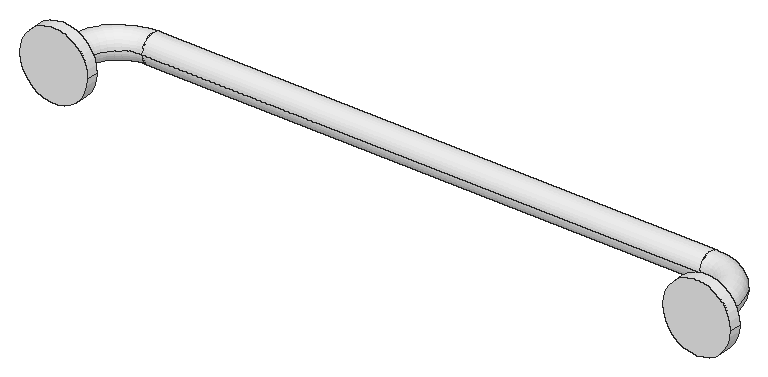
Revit family "Barra_Apoio_U", category Plumbing Fixtures, host Wall, Revit 2020
Family settings
  Host = Wall
  Round Connector Dimension = Use Diameter
  Part Type = Normal
  OmniClass Number = 23.45.00.00
  OmniClass Title = Sanitary, Laundry, and Cleaning Equipment
  Always vertical = Yes
  Cut with Voids When Loaded = No
  Shared = No
  Room Calculation Point = No
Parameters (values of type "BAA_U75")
  Material_Barra = CT_Cromados
  Description = "Descrição do tipo"
  Default Elevation = 0.000 m
  Barra_Deslocamento [instance] = 0.200 m
  Barra_Comprimento = 0.750 m
  Barra_Altura [instance] = 0.750 m
  Barra_Afastamento = 0.082 m
Reference planes (m)
  plane 1: y = 0
  plane 2 "Center (Left/Right)": x = 0.125
  plane 3 "Back": y = 0.075
  plane 4: x = 0.325
  plane 5: y = 0.088
  plane 6: x = 1.075
  plane 7 "Altura": z = 0.75
  plane 8: y = 0.157
Forms (m)
  Extrusion 1, solid, material "CT_Cromados" <- "Material_Barra"
    sketch origin (0.243231, 0.075, 0.450377) x (1, 0, 0) y (0, 0, 1)
      loop
        circle (0.081769, 0.299623) r 0.0395
    from 0 to -0.013
  Extrusion 2, solid, material "CT_Cromados" <- "Material_Barra"
    sketch origin (0.906621, 0.075, 0.600377) x (1, 0, 0) y (0, 0, 1)
      loop
        circle (0.168379, 0.149623) r 0.0395
    from 0 to -0.013
  Sweep 3, solid, material "CT_Cromados" <- "Material_Barra"
    path origin (0, 0, 0.75) x (0, 1, 0) y (-1, 0, 0)
      loop
        line (0.075, -1.075) -> (0.107, -1.075)
        arc (0.107, -1.075) -> (0.142355, -1.060355) -> (0.157, -1.025) r 0.05
        line (0.157, -1.025) -> (0.157, -0.375)
        arc (0.157, -0.375) -> (0.142355, -0.339645) -> (0.107, -0.325) r 0.05
        line (0.107, -0.325) -> (0.075, -0.325)
    profile origin (1.075, 0.091, 0.75) x (-1, 0, 0) y (0, 0, 1)
      loop
        circle (0, 0) r 0.016
Cuts and joins
  joined: Extrusion 1, Extrusion 2, Sweep 3
Text (m)
  text "Placement side" at (-1.787139, 0.59235, 0), in view "Ref. Level"
  text "Placement side" at (0, 1.827695, 2.917686), in view "Left"
  text "Placement side" at (0, 0.562268, 3.853606), in view "Right"
Dimensions and locks (m)
  locked: plane 3 "Back" to host wall
  "Barra_Deslocamento": plane 2 "Center (Left/Right)" to plane 4
  locked: plane 5 to plane 3 "Back" at 0.013
  "Barra_Comprimento": plane 4 to plane 6
  "Barra_Altura": plane 7 "Altura" to level
  "Barra_Afastamento": plane 8 to plane 3 "Back"
  radius of Sweep 3 sketch curve = 0.050 m  (x2)
  aligned and locked: host wall to plane 1
  aligned and locked: plane 5 to Extrusion 1
  aligned and locked: plane 3 "Back" to Extrusion 1
  aligned and locked: plane 7 "Altura" to Extrusion 2 sketch curve
  aligned and locked: plane 7 "Altura" to Extrusion 1 sketch curve
  aligned and locked: plane 7 "Altura" to Extrusion 1
  aligned and locked: Sweep 3 sketch curve to plane 8
  aligned and locked: cut or joined group of Extrusion 1, Extrusion 2, Sweep 3 to host wall
  aligned and locked: cut or joined group of Extrusion 1, Extrusion 2, Sweep 3 to cut or joined group of Extrusion 1, Extrusion 2, Sweep 3  (x2)
Automatic sketch dimensions
  Extrusion 1 sketch curve to plane 4 = 0.000 m
  Extrusion 1 sketch curve to Extrusion 1 sketch curve = 0.0395 m
  Extrusion 2 sketch curve to plane 6 = 0.000 m
  Extrusion 2 sketch curve to plane 6 = 0.0395 m
  plane 3 "Back" to Sweep 3 sketch curve = 0.000 m  (x2)
  Sweep 3 sketch curve to plane 6 = 0.000 m
  Sweep 3 sketch curve to plane 4 = 0.000 m
  Sweep 3 sketch curve to plane 7 "Altura" = 0.000 m
  Sweep 3 sketch curve to profile plane = 0.000 m
  radius of Sweep 3 sketch curve = 0.016 m
